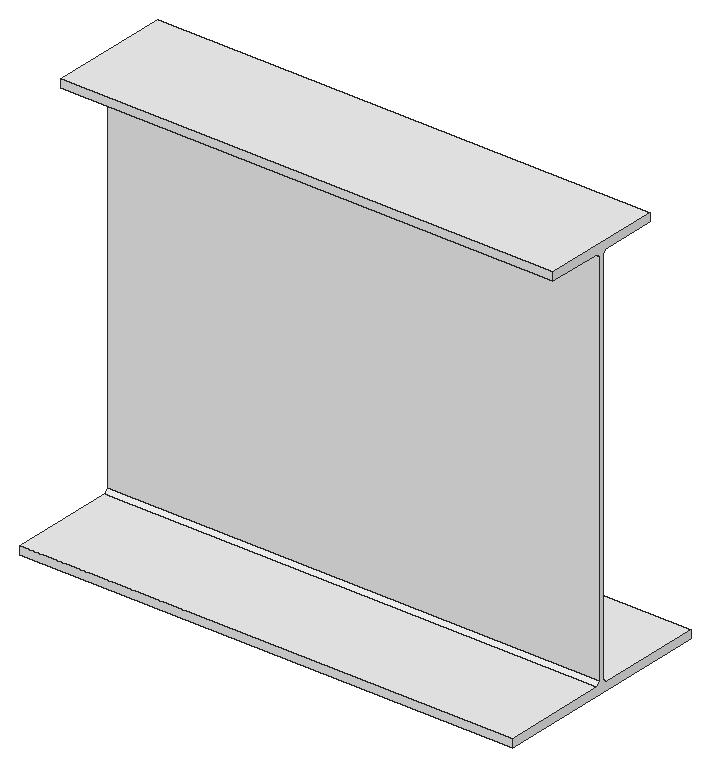
Revit family
Parameters (values of type "WRF39x141")
  bf_t = 0' - 11 207/256"
  Start Extension Calculation [instance] = 10' 0 1/2" + Start Extension  # 10' - 0"
  Start Extension [instance] = -0' - 0 1/2"
  End Extension Calculation [instance] = 10' 0 1/2" + End Extension  # 10' - 0"
  End Extension [instance] = -0' - 0 1/2"
  Beam Material [instance] = Metal - Steel - ASTM A572 - Grade 50
  A = 0.29 SF
  Assembly Code = "B10"
  Length [instance] = 5' - 0"
  W = 141
  bf_b = 1' - 9 83/128"
  d = 3' - 3 95/256"
  k = 0' - 0 9/16"
  tf = 0' - 0 201/256"
  tw = 0' - 0 101/256"
Reference planes (in)
  plane 1 "Center (Front/Back)": y = 0
  plane 2: z = 0
  plane 3 "Center (Left/Right)": x = 0.1815
  plane 4 "Member Left": x = -23.8185
  plane 5 "Member Right": x = 24.1815
  plane 6: y = 10.82422
  plane 7: y = -10.82422
  plane 8 "Top": z = 19.68555
  plane 9: z = -19.68555
  plane 10 "Left": x = -29.8185
  plane 11 "Right": x = 30.1815
  plane 12: x = -23.8185
  plane 13: x = 24.1815
  plane 14: x = 96.1815
  plane 15: x = -95.8185
Forms (in)
  Sweep 1, solid, material "Metal - Steel - ASTM A572 - Grade 50" <- "Beam Material", detail levels medium
    path origin (0, 0, 0) x (1, 0, 0) y (0, 1, 0)
      loop
        line (24.1815, 0) -> (-23.8185, 0)
    profile "WRF-Wide Flange-Profile-Medium : WRF-Wide Flange-Profile-Medium" origin (0.1815, 0, 0) x (0, -1, 0) y (0, 0, 1)
      loop
        line (-10.82422, -19.68555) -> (10.82422, -19.68555) -> (10.82422, -18.90039) -> (0.19727, -18.90039) -> (0.19727, 18.90039) -> (5.9043, 18.90039) -> (5.9043, 19.68555) -> (-5.9043, 19.68555) -> (-5.9043, 18.90039) -> (-0.19727, 18.90039) -> (-0.19727, -18.90039) -> (-10.82422, -18.90039) -> (-10.82422, -19.68555)
  Sweep 2, solid, material "Metal - Steel - ASTM A572 - Grade 50" <- "Beam Material", detail levels fine
    path origin (0, 0, 0) x (1, 0, 0) y (0, 1, 0)
      loop
        line (24.1815, 0) -> (-23.8185, 0)
    profile "WRF-Wide Flange-Profile-Fine : WRF-Wide Flange-Profile-Fine" origin (0.1815, 0, 0) x (0, -1, 0) y (0, 0, 1)
      loop
        line (-0.5625, -18.90039) -> (-10.82422, -18.90039) -> (-10.82422, -19.68555) -> (10.82422, -19.68555) -> (10.82422, -18.90039) -> (0.5625, -18.90039) -> (0.19727, -18.53516) -> (0.19727, 18.53516) -> (0.5625, 18.90039) -> (5.9043, 18.90039) -> (5.9043, 19.68555) -> (-5.9043, 19.68555) -> (-5.9043, 18.90039) -> (-0.5625, 18.90039) -> (-0.19727, 18.53516) -> (-0.19727, -18.53516) -> (-0.5625, -18.90039)
Lines and regions (in)
  symbolic lines, style "Hidden Faces", detail levels medium+fine
    curve 1: line (-23.8185, -0.19727, 0) -> (24.1815, -0.19727, 0)
    curve 2: line (-23.8185, 0.19727, 0) -> (24.1815, 0.19727, 0)
  symbolic lines, style "Stick Symbols", detail levels coarse
    curve 3: line (0.1815, -10.82422, -19.68555) -> (0.1815, 10.82422, -19.68555)
    curve 4: line (0.1815, 5.9043, 19.68555) -> (0.1815, -5.9043, 19.68555)
    curve 5: line (0.1815, 0, 19.68555) -> (0.1815, 0, -19.68555)
Dimensions and locks (in)
  "bf_b": plane 6 to plane 7
  "d": plane 9 to plane 8 "Top"
  equal spacing: plane 9, plane 2, plane 8 "Top"
  equal spacing: plane 6, plane 1 "Center (Front/Back)", plane 7
  "Length": plane 10 "Left" to plane 11 "Right"
  "tw": curve 1 to curve 2
  equal spacing: curve 1, plane 1 "Center (Front/Back)", curve 2
  locked: plane 4 "Member Left" to plane 14 at 120
  locked: plane 15 to plane 5 "Member Right" at 120
  "End Extension Calculation": plane 15 to plane 13
  "Start Extension Calculation": plane 12 to plane 14
  aligned and locked: Sweep 1 sketch curve to plane 1 "Center (Front/Back)"
  aligned and locked: Sweep 2 sketch curve to plane 1 "Center (Front/Back)"
  aligned and locked: plane 12 to Sweep 2 sketch curve
  aligned and locked: plane 13 to Sweep 2 sketch curve
  aligned and locked: plane 12 to Sweep 1 sketch curve
  aligned and locked: plane 13 to Sweep 1 sketch curve
  aligned and locked: plane 12 to curve 2
  aligned and locked: plane 12 to curve 1
  aligned and locked: plane 13 to curve 2
  aligned and locked: plane 13 to curve 1
  aligned and locked: curve 3 to Sweep 2  (x2)
  aligned and locked: curve 4 to Sweep 2  (x2)
  aligned and locked: Sweep 2 to curve 3
  aligned and locked: Sweep 2 to curve 4
Automatic sketch dimensions
  curve 5 to plane 1 "Center (Front/Back)" = 0' - 0"
